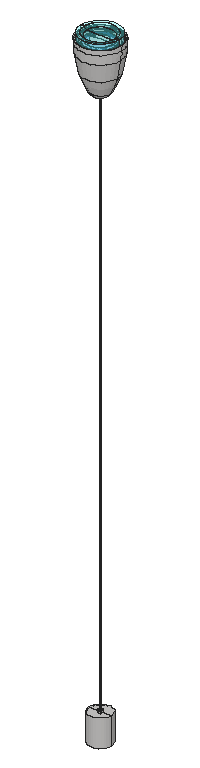
Revit family "50701_BEGA_Revit", category Generic Models, host Face, Revit 2017
Family settings
  Host = Face
  Can host rebar = No
  Round Connector Dimension = Use Diameter
  Part Type = Normal
  Cut with Voids When Loaded = No
  Shared = No
  Room Calculation Point = No
Parameters
  Default Elevation = 4' - 0"
Reference planes (in)
  plane 1 "Center (Front/Back)": y = 0
  plane 2: z = 0
  plane 3 "Center (Left/Right)": x = 0
Lines and regions (in)
  reference lines
    curve 1: line (0, 48, 0) -> (0, -48, 0)
    curve 2: line (48, 0, 0) -> (-48, 0, 0)
Dimensions and locks (in)
  aligned and locked: plane 2 to host face
  aligned and locked: level to host face
Nested families (in)
  nested 1: "50701" at (0, 0, 0), type "BEGA_50700.2_K3"
    with Serial_number "Here you can enter the individual serial number for use in facility management.", Restrictions_to_operation_position "", Material_01 BEGA_finishes_graphite_matt, Distance_to_illuminated_objects "", Dimmable "DALI", Connected_wattage "13.4 W"
Definition of nested family "50701"
  Parameters (values of type "BEGA_50700.2_K4")
    Weight = "1.95 kg"
    Voltage = 239.996 V
    Update = "2019-09-02T04:00:22"
    URL = "http://www.bega.de/de/produkt/50700.2"
    Type Comments = "© 2019 BEGA. Technical amendments reserved."
    Surface_temperature = ""
    Service_life_criteria = "L70B50 @ 25 °C = 275000 h"
    Serial_number [instance] = "Here you can enter the individual serial number for use in facility management."
    Safety_class = "I"
    Restrictions_to_operation_position [instance] = ""
    Protection_class = "IP 20"
    Product_data_sheet = "http://www.bega.de/download/Xrfa/db/50700.2.db.en.pdf"
    Order_number = "50700.2K4"
    Number_of_luminaires = ""
    Model = "50700.2K4"
    Material_18 = none
    Material_17 = none
    Material_15 = none
    Material_11 = none
    Material_10 = none
    Material_09 = none
    Material_06 = none
    Material_03 = none
    Material_02 = none
    Material_01 [instance] = none
    Manufacturer = "BEGA"  # constant formula
    M_W = no
    M_G = no
    M_A = no
    Luminaire_luminous_flux = "1195 lm"
    Logo = 0
    Load_Classification = none
    Lamp_luminous_flux = "1760 lm"
    Lamp = "LED 11.5 W"
    LED_module_designation = "LED-0800/940"
    Half_beam_angle = ""
    Frequency = "0/50-60 Hz"
    Fixing_hole = ""
    Fixing_distance = ""
    Energy_efficiency_class = "LED A++ - A"
    built-in parameter 1150104 = 14.214 (stored number, unit not read)
    Wattage = 11.5 W
    ENEC = ""
    Distance_to_illuminated_objects [instance] = ""
    Dimmable [instance] = "DALI"
    Description_custom_made_product = "Here you can specify modifications of your custom-made product"
    Description = "Pendant luminaire"
    Default Elevation = 0' - 0"
    built-in parameter 1150113 = 1 (stored number, unit not read)
    Custom_made_product = no
    Current = ""
    Connection_box = ""
    Connecting_cable = ""
    Connected_wattage [instance] = "13.4 W"
    Colour_temperature = "4000 K"
    Colour_rendering_index = "CRI > 90"
    CE_conformity = "yes"
    Bega_IES = yes
    Ballproof = ""
    built-in parameter 1114218 = 1 (stored number, unit not read)
    built-in parameter 1150134 = 12
    built-in parameter 1150109 = 1 (stored number, unit not read)
    built-in parameter 1150110 = 1 (stored number, unit not read)
    Tilt Angle = 0.00°
    built-in parameter 1114217 = 1 (stored number, unit not read)
    built-in parameter 1150139 = (empty or 0)
    built-in parameter 1150105 = 140.02 (stored number, unit not read)
    built-in parameter 1150114 = 1 (stored number, unit not read)
    Lumens = 1759.5 lm
    built-in parameter 1150115 = 1 (stored number, unit not read)
    built-in parameter 1150112 = 1 (stored number, unit not read)
    Dimming Lamp Color Temperature Shift = (empty or 0)
    Color Filter = 16777215
    BEGA_internal_structure = yes
    BEGA_internal_on = yes
    BEGA_internal_off = yes
    BEGA_internal = yes
    BEGA_dummy = no
    built-in parameter 1150133 = 10 (stored number, unit not read)
    built-in parameter 1150137 = (empty or 0)
    built-in parameter 1150132 = (empty or 0)
    Photometric Web File = "50701K4_BEGA_IES.ies"
    built-in parameter 1150106 = 1.4002 (stored number, unit not read)
    built-in parameter 1150107 = 4000 (stored number, unit not read)
    built-in parameter 1150102 = (empty or 0)
    built-in parameter 1150138 = (empty or 0)
    Apparent Load = 0 VA
    Ambient_temperature = "25 °C"
    AC/DC = "AC/DC"
  Types (2): name | Order_number | Model | Luminaire_luminous_flux | Lamp_luminous_flux | LED_module_designation | built-in parameter 1150104 | Colour_temperature | built-in parameter 1150134 | built-in parameter 1150105 | Lumens | Photometric Web File | built-in parameter 1150106 | built-in parameter 1150107
    BEGA_50700.2_K3 | "50700.2K3" | "50700.2K3" | "1178 lm" | "1735 lm" | "LED-0800/930" | 14.019 (stored number, unit not read) | "3000 K" | (empty or 0) | 138.09 (stored number, unit not read) | 1735.35 lm | "BE_50700K3.IES" | 1.3809 (stored number, unit not read) | 3000 (stored number, unit not read)
    BEGA_50700.2_K4 | "50700.2K4" | "50700.2K4" | "1195 lm" | "1760 lm" | "LED-0800/940" | 14.214 (stored number, unit not read) | "4000 K" | 12 | 140.02 (stored number, unit not read) | 1759.5 lm | "50701K4_BEGA_IES.ies" | 1.4002 (stored number, unit not read) | 4000 (stored number, unit not read)
  Reference planes (in)
    plane 1 "Center (Front/Back)": y = 0
    plane 2: z = 0
    plane 3 "Center (Left/Right)": x = 0
    plane 4 "left": x = -2.62394
    plane 5 "right": x = 2.62394
    plane 6 "down": y = -2.62394
    plane 7 "up": y = 2.62394
    plane 8 "Back": z = 0
    plane 9 "Front": z = 78.74016
  Forms (in)
    Extrusion 1, solid
      sketch origin (0, 0, 0) x (1, 0, 0) y (0, 1, 0)
        loop
          line (-7.87402, 7.87402) -> (-7.87402, -7.87402) -> (7.87402, -7.87402) -> (7.87402, 7.87402) -> (-7.87402, 7.87402)
      from 0 to -0.3937
    Extrusion 2, solid, visible <- "BEGA_dummy"
      sketch origin (3.03736, -2.99303, 0) x (1, 0, 0) y (0, 1, 0)
        loop
          circle (-3.03736, 2.99303) r 2.62394
      from 0 to 78.74016
  Dimensions and locks (in)
    aligned and locked: plane 2 to Extrusion 1
    aligned and locked: level to Extrusion 1
  Nested families (in)
    nested 1: "50700.2" at (0, 0, 0), type "50700.2"
  Connectors (in)
    electrical at (0, 0, 0), driven by "Apparent Load", driven by "Load_Classification", driven by "Voltage"
      settings: on Extrusion 1, index 1, voltage 239.996 V, apparent load 0 VA, apparent load phase1 0 VA, apparent load phase2 0 VA, apparent load phase3 0 VA, power factor 1, load classification none, number of poles 1, system type 31, power factor state 1, is connector primary yes, connector utility no, sub classification motor no, connector description ""
  Definition of nested family "50700.2"
    Parameters (values of type "50700.2")
      Default Elevation = 0' - 0.03937"
      URL = "http://www.bega.de/de/produkt"
      Type Comments = "© 2015 BEGA. Wir behalten uns das Recht vor, technische Änderungen ohne vorherige Ankündigung vorzunehmen. "  # constant formula
      Type Image = (empty or 0)
      Neigungswinkel_um_Z2 = 0.00°
      Neigungswinkel_um_Z1 = 0.00°
      Neigungswinkel_um_Y2 = 0.00°
      Neigungswinkel_um_Y1 = 0.00°
      Neigungswinkel_um_X2 = 0.00°
      Neigungswinkel_um_X1 = 0.00°
      Material_18 = none
      Material_17 = none
      Material_15 = none
      Material_11 = none
      Material_10 = none
      Material_09 = none
      Material_06 = none
      Material_02 = none
      Material_01 = none
      M_W = yes
      M_G = yes
      M_A = yes
      Länge_Platte = 0' - 7.87402"  # constant formula
      Höhe_Platte = -0' - 0.3937"  # constant formula
      Manufacturer = "BEGA"  # constant formula
      Drehwinkel_um_Z2 = 0.00°
      Drehwinkel_um_Z1 = 0.00°
      Breite_Platte = 0' - 7.87402"  # constant formula
    Reference planes (in)
      plane 1 "Mitte (Oben/Unten)": y = 0
      plane 2: z = 0
      plane 3 "Mitte (Links/Rechts)": x = 0
      plane 4: z = 78.74016
      plane 5: x = 2.62394
      plane 6: x = -2.62394
      plane 7: z = 0
      plane 8: y = 2.62394
      plane 9: y = -2.62394
    Forms (in)
      Extrusion 1, solid, detail levels medium
        sketch origin (0, 0, 0) x (1, 0, 0) y (0, 1, 0)
          loop
            line (-3.93701, 3.93701) -> (-3.93701, -3.93701) -> (3.93701, -3.93701) -> (3.93701, 3.93701) -> (-3.93701, 3.93701)
        from 0 to -0.3937 <- "Höhe_Platte"
      Revolve 2, solid, material <- "Material_09"
        sketch origin (0, 0, 0) x (1, 0, 0) y (0, 0, 1)
          loop
            line (-2.42126, 77.83465) -> (-2.12588, 77.83465) -> (-2.11558, 77.44094) -> (-1.81091, 77.44094) -> (-1.81091, 77.55906) -> (-1.80184, 77.73202)
            arc (-1.80184, 77.73202) -> (-1.75027, 77.85438) -> (-1.63272, 77.91616) r 0.19686
            arc (-1.63272, 77.91616) -> (-0.81836, 78.00214) -> (0, 78.03147) r 11.80979
            line (0, 78.03147) -> (0, 78.34647)
            arc (0, 78.34647) -> (-0.80736, 78.36619) -> (-1.6128, 78.42531) r 16.53541
            arc (-1.6128, 78.42531) -> (-1.83867, 78.5253) -> (-1.96052, 78.74016) r 0.39372
            line (-1.96052, 78.74016) -> (-2.40545, 78.74016) -> (-2.42126, 77.83465)
          axis (0, 78.74016) -> (0, 77.44094)
        angle from 0 to 360
      Revolve 3, solid, material <- "Material_06"
        sketch origin (0, 0, 0) x (1, 0, 0) y (0, 0, 1)
          loop
            line (-2.62394, 78.14961) -> (-2.61497, 77.63588)
            arc (-2.61497, 77.63588) -> (-2.59273, 77.07794) -> (-2.54542, 76.52156) r 12.41445
            arc (-2.54542, 76.52156) -> (-2.38385, 75.45002) -> (-2.13225, 74.39599) r 12.80224
            arc (-2.13225, 74.39599) -> (-1.76288, 73.369) -> (-1.25654, 72.40217) r 7.96159
            arc (-1.25654, 72.40217) -> (-0.78143, 71.88645) -> (-0.14688, 71.58807) r 1.82415
            line (-0.14688, 71.58807) -> (0, 71.58807) -> (0, 71.76898) -> (-0.36628, 71.76898)
            arc (-0.36628, 71.76898) -> (-0.9409, 72.17226) -> (-1.35268, 72.74081) r 2.12409
            arc (-1.35268, 72.74081) -> (-1.71226, 73.45823) -> (-1.97855, 74.21526) r 6.35444
            line (-1.97855, 74.21526) -> (-2.02746, 76.08268) -> (-2.28673, 76.08268) -> (-2.33258, 77.83465) -> (-2.42594, 77.83465) -> (-2.42905, 78.01181) -> (-2.52309, 78.01181) -> (-2.52548, 78.14961) -> (-2.62394, 78.14961)
          axis (0, 71.58807) -> (0, 78.14961)
        angle from 0 to 360
      Revolve 4, solid, material <- "Material_18"
        sketch origin (0, 0, 0) x (1, 0, 0) y (0, 0, 1)
          loop
            line (-0.07857, 2.71654) -> (0, 2.71654) -> (0, 72.28451)
            arc (0, 72.28451) -> (-0.03928, 72.28445) -> (-0.07857, 72.28425) r 11.94158
            line (-0.07857, 72.28425) -> (-0.07857, 2.71654)
          axis (0, 72.28451) -> (0, 2.71654)
        angle from 0 to 360
      Revolve 5, solid, material <- "Material_06"
        sketch origin (0, 0, 0) x (1, 0, 0) y (0, 0, 1)
          loop
            line (-1.34075, 0) -> (-1.34075, 3.30944) -> (-0.16885, 3.30944) -> (-0.16885, 3.34646) -> (-1.37933, 3.34646) -> (-1.37933, 0) -> (-1.34075, 0)
          axis (0, 3.34646) -> (0, 0)
        angle from 0 to 360
      Revolve 6, solid, material <- "Material_06"
        sketch origin (0, 0, 0) x (1, 0, 0) y (0, 0, 1)
          loop
            line (-0.27635, 3.46457) -> (-0.27635, 3.34646) -> (-0.16295, 3.34646) -> (-0.16295, 3.30333) -> (-0.27635, 3.30333) -> (-0.27635, 3.27204) -> (-0.08571, 3.27204) -> (-0.08571, 3.46457) -> (-0.27635, 3.46457)
          axis (0, 3.46457) -> (0, 3.27204)
        angle from 0 to 360
      Revolve 7, solid, material <- "Material_10"
        sketch origin (0, 0, 0) x (1, 0, 0) y (0, 0, 1)
          loop
            arc (-1.63272, 77.91616) -> (-1.75027, 77.85438) -> (-1.80184, 77.73202) r 0.19686
            line (-1.80184, 77.73202) -> (-1.81091, 77.55906) -> (-1.81091, 77.44094) -> (-1.78781, 77.46404) -> (-1.78781, 77.55906) -> (-1.77877, 77.73153)
            arc (-1.77877, 77.73153) -> (-1.73454, 77.84131) -> (-1.62999, 77.89677) r 0.17256
            arc (-1.62999, 77.89677) -> (-1.34612, 77.93282) -> (-1.0615, 77.96241) r 12.59331
            line (-1.0615, 77.96241) -> (-1.03948, 77.98443)
            arc (-1.03948, 77.98443) -> (-1.33653, 77.95404) -> (-1.63272, 77.91616) r 11.80979
          axis (0, 77.98443) -> (0, 77.44094)
        angle from 0 to 360
      Revolve 8, solid, material <- "Material_17"
        sketch origin (0, 0, 0) x (1, 0, 0) y (0, 0, 1)
          loop
            line (-2.1377, 77.44094) -> (-2.1377, 77.40157) -> (-1.96281, 77.40157)
            arc (-1.96281, 77.40157) -> (-1.54588, 76.83781) -> (-1.01612, 76.37843) r 3.1987
            line (-1.01612, 76.37843) -> (-0.39316, 76.33489) -> (-0.39316, 76.37435) -> (-1.00798, 76.41732)
            arc (-1.00798, 76.41732) -> (-1.52291, 76.87793) -> (-1.92333, 77.44094) r 3.10717
            line (-1.92333, 77.44094) -> (-2.1377, 77.44094)
          axis (0, 76.33489) -> (0, 77.44094)
        angle from 0 to 360
      Revolve 9, solid, material <- "Material_15"
        sketch origin (0, 0, 0) x (1, 0, 0) y (0, 0, 1)
          loop
            line (0, 76.20079) -> (0, 76.26181) -> (-0.39316, 76.26181) -> (-0.39316, 76.20079) -> (0, 76.20079)
          axis (0, 76.20079) -> (0, 76.26181)
        angle from 0 to 360
    Dimensions and locks (in)
      equal spacing: Extrusion 1 sketch curve, plane 3 "Mitte (Links/Rechts)", Extrusion 1 sketch curve
      equal spacing: Extrusion 1 sketch curve, plane 1 "Mitte (Oben/Unten)", Extrusion 1 sketch curve
      "Länge_Platte": Extrusion 1 sketch curve to Extrusion 1 sketch curve
      "Breite_Platte": Extrusion 1 sketch curve to Extrusion 1 sketch curve
      aligned and locked: plane 2 to Extrusion 1
      aligned and locked: level to Extrusion 1
    Automatic sketch dimensions
      Revolve 2 sketch curve to plane 3 "Mitte (Links/Rechts)" = 0' - 2.40545"
      Revolve 2 sketch curve to Revolve 2 sketch curve = 0' - 0.01581"
      Revolve 2 sketch curve to Revolve 2 sketch curve = 0' - 0.44493"
      Revolve 2 sketch curve to Revolve 2 sketch curve = 0' - 0.90551"
      Revolve 2 sketch curve to Revolve 2 sketch curve = 0' - 0.38612"
      Revolve 2 sketch curve to Revolve 2 sketch curve = 0' - 0.077"
      Revolve 2 sketch curve to Revolve 2 sketch curve = 0' - 0.03839"
      Revolve 2 sketch curve to Revolve 2 sketch curve = 0' - 0.61942"
      Revolve 2 sketch curve to Revolve 2 sketch curve = 0' - 0.19656"
      Revolve 2 sketch curve to plane 3 "Mitte (Links/Rechts)" = 0' - 0"  (x3)
      plane 3 "Mitte (Links/Rechts)" to Revolve 2 sketch curve = 0' - 0.01367"
      Revolve 2 sketch curve to Revolve 2 sketch curve = 0' - 0.10263"
      Revolve 2 sketch curve to Revolve 2 sketch curve = 0' - 0.01079"
      Revolve 2 sketch curve to Revolve 2 sketch curve = 0' - 11.49953"
      Revolve 2 sketch curve to Revolve 2 sketch curve = 1' - 4.06472"
      Revolve 2 sketch curve to Revolve 2 sketch curve = 0' - 0.00907"
      Revolve 2 sketch curve to Revolve 2 sketch curve = 0' - 0.02744"
      Revolve 2 sketch curve to Revolve 2 sketch curve = 0' - 0"  (x3)
      Revolve 2 sketch curve to Revolve 2 sketch curve = 0' - 0.17296"
      Revolve 2 sketch curve to Revolve 2 sketch curve = 0' - 0.315"
      Revolve 2 sketch curve to Revolve 2 sketch curve = 0' - 0.11811"
      Revolve 2 sketch curve to Revolve 2 sketch curve = 0' - 0 39/128"
      Revolve 2 sketch curve to Revolve 2 sketch curve = 0' - 0.29538"
      Revolve 3 sketch curve to plane 3 "Mitte (Links/Rechts)" = 0' - 0"  (x2)
      Revolve 3 sketch curve to Revolve 3 sketch curve = 0' - 0.14688"
      Revolve 3 sketch curve to Revolve 3 sketch curve = 0' - 0.2194"
      Revolve 3 sketch curve to plane 3 "Mitte (Links/Rechts)" = 0' - 1.97855"
      Revolve 3 sketch curve to Revolve 3 sketch curve = 0' - 0.09336"
      Revolve 3 sketch curve to Revolve 3 sketch curve = 0' - 0.00311"
      Revolve 3 sketch curve to Revolve 3 sketch curve = 0' - 0.09404"
      Revolve 3 sketch curve to Revolve 3 sketch curve = 0' - 0.00239"
      Revolve 3 sketch curve to Revolve 3 sketch curve = 0' - 0.18903"
      Revolve 3 sketch curve to Revolve 3 sketch curve = 0' - 0.09846"
      plane 3 "Mitte (Links/Rechts)" to Revolve 3 sketch curve = 0' - 0.2976"
      Revolve 3 sketch curve to Revolve 3 sketch curve = 0' - 0.25224"
      Revolve 3 sketch curve to Revolve 3 sketch curve = 0' - 1.38955"
      Revolve 3 sketch curve to Revolve 3 sketch curve = 0' - 0.38555"
      Revolve 3 sketch curve to Revolve 3 sketch curve = 0' - 0.18091"
      Revolve 3 sketch curve to Revolve 3 sketch curve = 0' - 1.58826"
      Revolve 3 sketch curve to Revolve 3 sketch curve = 0' - 0 21/64"
      Revolve 3 sketch curve to Revolve 3 sketch curve = 0' - 0.85802"
      Revolve 3 sketch curve to Revolve 3 sketch curve = 0' - 2.25577"
      Revolve 3 sketch curve to Revolve 3 sketch curve = 0' - 0.62951"
      Revolve 3 sketch curve to Revolve 3 sketch curve = 0' - 0.19876"
      Revolve 3 sketch curve to Revolve 3 sketch curve = 0' - 1.28064"
      Revolve 3 sketch curve to Revolve 3 sketch curve = 0' - 0.04154"
      Revolve 3 sketch curve to Revolve 3 sketch curve = 0' - 0.17717"
      Revolve 3 sketch curve to Revolve 3 sketch curve = 0' - 0.1378"
      Revolve 3 sketch curve to Revolve 3 sketch curve = 0' - 0"  (x2)
      Revolve 3 sketch curve to Revolve 3 sketch curve = 0' - 0.51796"
      Revolve 3 sketch curve to Revolve 3 sketch curve = 0' - 0.25928"
      Revolve 3 sketch curve to Revolve 3 sketch curve = 0' - 0.32824"
      Revolve 3 sketch curve to Revolve 3 sketch curve = 0' - 0.43888"
      Revolve 3 sketch curve to Revolve 3 sketch curve = 0' - 1.5532"
      Revolve 4 sketch curve to plane 3 "Mitte (Links/Rechts)" = 0' - 0"  (x2)
      Revolve 4 sketch curve to plane 3 "Mitte (Links/Rechts)" = 0' - 0.07857"
      Revolve 4 sketch curve to Revolve 4 sketch curve = 5' - 9.56772"
      Revolve 4 sketch curve to Revolve 4 sketch curve = 0' - 0.00026"
      Revolve 5 sketch curve to level = 0' - 0"
      Revolve 5 sketch curve to plane 3 "Mitte (Links/Rechts)" = 0' - 1.37933"
      Revolve 5 sketch curve to Revolve 5 sketch curve = 0' - 0.03858"
      Revolve 5 sketch curve to Revolve 5 sketch curve = 0' - 3.30944"
      Revolve 5 sketch curve to plane 3 "Mitte (Links/Rechts)" = 0' - 0.16885"
      Revolve 5 sketch curve to Revolve 5 sketch curve = 0' - 0.03701"
      Revolve 7 sketch curve to Revolve 7 sketch curve = 0' - 0.00907"
      Revolve 7 sketch curve to Revolve 7 sketch curve = 0' - 0.0231"  (x2)
      Revolve 7 sketch curve to Revolve 7 sketch curve = 0' - 0.02307"
      Revolve 7 sketch curve to Revolve 7 sketch curve = 0' - 0.17246"
      Revolve 7 sketch curve to Revolve 7 sketch curve = 0' - 0.00102"
      Revolve 7 sketch curve to Revolve 7 sketch curve = 0' - 0.54481"
      plane 3 "Mitte (Links/Rechts)" to Revolve 7 sketch curve = 0' - 0.01367"
      plane 3 "Mitte (Links/Rechts)" to Revolve 7 sketch curve = 0' - 0.09832"
      Revolve 7 sketch curve to Revolve 7 sketch curve = 0' - 0.79908"
      Revolve 7 sketch curve to Revolve 7 sketch curve = 0' - 11.33736"
      Revolve 7 sketch curve to Revolve 7 sketch curve = 0' - 0"  (x3)
      Revolve 7 sketch curve to Revolve 7 sketch curve = 0' - 0.16217"
      Revolve 7 sketch curve to Revolve 7 sketch curve = 0' - 0.00462"
      Revolve 7 sketch curve to Revolve 7 sketch curve = 0' - 0.00569"
      Revolve 7 sketch curve to Revolve 7 sketch curve = 0' - 0.00048"
      Revolve 7 sketch curve to Revolve 7 sketch curve = 0' - 0.06564"
      Revolve 7 sketch curve to Revolve 7 sketch curve = 0' - 0.00273"
      Revolve 7 sketch curve to Revolve 7 sketch curve = 0' - 0.02202"
      Revolve 7 sketch curve to plane 3 "Mitte (Links/Rechts)" = 0' - 1.03948"
      Revolve 7 sketch curve to Revolve 7 sketch curve = 0' - 0.09501"
      Revolve 7 sketch curve to plane 3 "Mitte (Links/Rechts)" = 0' - 0"
      Revolve 7 sketch curve to Revolve 7 sketch curve = 0' - 4.81358"
      Revolve 7 sketch curve to Revolve 7 sketch curve = 0' - 2.01714"
      Revolve 8 sketch curve to plane 3 "Mitte (Links/Rechts)" = 0' - 1.00798"
      Revolve 8 sketch curve to plane 3 "Mitte (Links/Rechts)" = 0' - 0.39316"
      plane 3 "Mitte (Links/Rechts)" to Revolve 8 sketch curve = 0' - 0.79327"
      Revolve 8 sketch curve to Revolve 8 sketch curve = 0' - 0.0087"
      Revolve 8 sketch curve to Revolve 8 sketch curve = 0' - 0.03947"
      Revolve 8 sketch curve to Revolve 8 sketch curve = 0' - 0 11/256"
      Revolve 8 sketch curve to Revolve 8 sketch curve = 0' - 0.98425"
      Revolve 8 sketch curve to Revolve 8 sketch curve = 0' - 0.03937"
      Revolve 8 sketch curve to Revolve 8 sketch curve = 0' - 0.06106"
      Revolve 8 sketch curve to Revolve 8 sketch curve = 0' - 0.17489"
      Revolve 8 sketch curve to Revolve 8 sketch curve = 0' - 0.03948"
      Revolve 8 sketch curve to Revolve 8 sketch curve = 0' - 0.00815"
      Revolve 8 sketch curve to Revolve 8 sketch curve = 0' - 0.0389"
      Revolve 9 sketch curve to plane 3 "Mitte (Links/Rechts)" = 0' - 0.39316"
      plane 3 "Mitte (Links/Rechts)" to Revolve 9 sketch curve = 0' - 0"
      Revolve 9 sketch curve to Revolve 9 sketch curve = 0' - 0.06102"
      Revolve 6 sketch curve to plane 3 "Mitte (Links/Rechts)" = 0' - 0"
      Revolve 6 sketch curve to plane 3 "Mitte (Links/Rechts)" = 0' - 0.08571"
      Revolve 6 sketch curve to Revolve 6 sketch curve = 0' - 0.07724"
      Revolve 6 sketch curve to Revolve 6 sketch curve = 0' - 0.11341"
      Revolve 6 sketch curve to Revolve 6 sketch curve = 0' - 0"
      level to Revolve 6 sketch curve = 0' - 3.27204"
      Revolve 6 sketch curve to Revolve 6 sketch curve = 0' - 0.0313"
      Revolve 6 sketch curve to Revolve 6 sketch curve = 0' - 0.04312"
      Revolve 6 sketch curve to Revolve 6 sketch curve = 0' - 0.11811"
      level to Revolve 2 sketch curve = 5' - 6.22169"
      Revolve 2 sketch curve to Revolve 2 sketch curve = 0' - 4.81358"
      Revolve 2 sketch curve to Revolve 2 sketch curve = 0' - 1.6551"
      level to Revolve 3 sketch curve = 5' - 11.58807"
      Revolve 3 sketch curve to Revolve 3 sketch curve = 0' - 0.06926"
      Revolve 3 sketch curve to Revolve 3 sketch curve = 0' - 0.1213"
      level to Revolve 4 sketch curve = 0' - 2.71654"
      Revolve 4 sketch curve to Revolve 4 sketch curve = 1' - 1.36347"
      Revolve 6 sketch curve to Revolve 6 sketch curve = 1' - 0.61544"
      level to Revolve 7 sketch curve = 5' - 5.42262"
      Revolve 8 sketch curve to plane 3 "Mitte (Links/Rechts)" = 0' - 0"
      level to Revolve 8 sketch curve = 6' - 4.33489"
      Revolve 8 sketch curve to Revolve 8 sketch curve = 0' - 4.81608"
      Revolve 8 sketch curve to Revolve 8 sketch curve = 0' - 1.33899"
      Revolve 9 sketch curve to plane 3 "Mitte (Links/Rechts)" = 0' - 0"
      level to Revolve 9 sketch curve = 6' - 4.20079"
      Revolve 9 sketch curve to Revolve 9 sketch curve = 0' - 4.68198"
      Revolve 9 sketch curve to Revolve 9 sketch curve = 0' - 1.45153"
      Revolve 3 sketch curve to Revolve 3 sketch curve = 0' - 0.04891"
      plane 3 "Mitte (Links/Rechts)" to Revolve 3 sketch curve = 0' - 4.13704"
      Revolve 4 sketch curve to level = 0' - 10.79362"
      Revolve 6 sketch curve to level = 0' - 10.79362"
